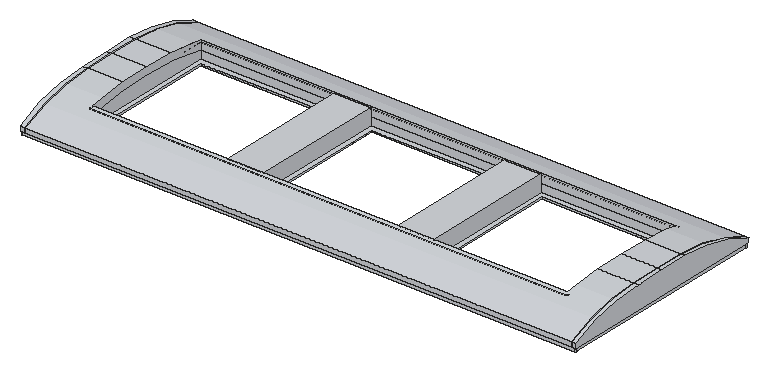
Revit family "Gira_021306", category Electrical Fixtures, host Face, Revit 2017
Family settings
  Host = Face
  Maintain Annotation Orientation = No
  Round Connector Dimension = Use Diameter
  Part Type = Normal
  Cut with Voids When Loaded = No
  Shared = No
  Room Calculation Point = No
Parameters (values of type "Cov.fr. 3-g interm.fr. AN Gira Event c.alum.")
  With mounting grid = "No"
  With hinged lid = "No"
  URL = "http://katalog.gira.de/en/datenblatt.html?artikelnr=021306"
  Type of fastening = "Clamp mounting"
  Transparent = "No"
  Surface protection = "Other"
  Suitable for wall duct = "No"
  Suitable for flush-mounted installation = "Yes"
  Suitable for floor box = "No"
  Suitable for built-in installation = "No"
  Number of units vertical = "3"
  Number of units horizontal = "3"
  Number of units = "3"
  Name = "Cov.fr. 3-g interm.fr. AN Gira Event c.alum."
  Mounting direction = "Horizontal and vertical"
  Material quality = "Thermoplastic"
  Material = "Plastic"
  Manufacturer URL = "https://www.gira.de/"
  Manufacturer = "Gira"
  Label space/information surface = "No"
  Keynote = ""
  HeinzeBIM = "https://bimportal.heinze.de/bim/cov-fr-3-g-interm-fr-an-gira-event-c-alum-/6c206e92bb94403de46b9b1f09e1f386b4d53b2b"
  Halogen free = "Yes"
  HAN = "021306"
  GTIN = "4010337213062"
  Description = "Cov.fr.3g i.fr.AN Event CAl,Gira Event frames,colour aluminium with anthracite intermediate frame,3-gang,Features:,- Shatter-proof."
  Degree of protection (IP) = "IP20"
  Default Elevation = 1219.2 mm
  Data sheet (1) = "https://katalog.gira.de/en/download.html?artikelnr=021306"
  Colour = "Aluminium"
  Category = "Cover frame for domestic switching devices"
  BIM (1) = "https://media.stage.bim.site/public/gira/36a6b08/Event_Rahmen_3fach.rfa"
  Available = "No"
Reference planes
  plane 1 "Center (Front/Back)": y = 0
  plane 2: z = 0
  plane 3 "Center (Left/Right)": x = 0
Forms (mm)
  Extrusion 1, solid, detail levels fine
    sketch origin (0, 0, 0.05) x (0, 1, 0) y (0, 0, 1)
      loop
        arc (12.445, 9.683) -> (6.223, 9.833) -> (0, 9.85) r 291.636
        arc (0, 9.85) -> (-6.223, 9.833) -> (-12.445, 9.683) r 291.636
        arc (-12.445, 9.683) -> (-29.14, 7.482) -> (-45, 1.823) r 79.728
        line (-45, 1.823) -> (-45, -0.05) -> (-42.086, -0.05)
        arc (-42.086, -0.05) -> (-21.385, 5.559) -> (0, 7.206) r 114.424
        arc (0, 7.206) -> (21.385, 5.559) -> (42.086, -0.05) r 114.424
        line (42.086, -0.05) -> (45, -0.05) -> (45, 1.823)
        arc (45, 1.823) -> (29.14, 7.482) -> (12.445, 9.683) r 79.728
    from -114.3 to 114.3
  Extrusion 2, void, detail levels fine
    sketch origin (0, 0, 0) x (1, 0, 0) y (0, 1, 0)
      loop
        line (-99.355, -28.053) -> (99.355, -28.053) -> (99.355, 28.053) -> (-99.355, 28.053) -> (-99.355, -28.053)
    from 0.724 to 11
  Extrusion 3, solid, detail levels coarse
    sketch origin (0, 0, 0) x (1, 0, 0) y (0, 1, 0)
      loop
        line (-116.3, 45) -> (-116.3, -45) -> (116.3, -45) -> (116.3, 45) -> (-116.3, 45)
    from -1.5 to 9.9
  Extrusion 4, solid, detail levels medium
    sketch origin (0, 0, 0.05) x (0, 1, 0) y (0, 0, 1)
      loop
        arc (12.445, 9.683) -> (6.223, 9.833) -> (0, 9.85) r 291.636
        arc (0, 9.85) -> (-6.223, 9.833) -> (-12.445, 9.683) r 291.636
        arc (-12.445, 9.683) -> (-29.14, 7.482) -> (-45, 1.823) r 79.728
        line (-45, 1.823) -> (-45, -0.05) -> (45, -0.05) -> (45, 1.823)
        arc (45, 1.823) -> (29.14, 7.482) -> (12.445, 9.683) r 79.728
    from -116.3 to 116.3
  Extrusion 5, solid, detail levels fine
    sketch origin (-71.3, 0, -1.5) x (0, 1, 0) y (0, 0, -1)
      loop
        line (45, -3.373) -> (45, -1.5) -> (-45, -1.5) -> (-45, -3.373)
        arc (-45, -3.373) -> (-29.14, -9.032) -> (-12.445, -11.233) r 79.728
        arc (-12.445, -11.233) -> (-6.223, -11.383) -> (0, -11.4) r 291.636
        arc (0, -11.4) -> (6.223, -11.383) -> (12.445, -11.233) r 291.636
        arc (12.445, -11.233) -> (29.14, -9.032) -> (45, -3.373) r 79.728
    from 43 to 45
  Extrusion 6, solid, detail levels fine
    sketch origin (0, 0, 0) x (1, 0, 0) y (0, 1, 0)
      loop
        line (-97.195, 25.7) -> (-97.195, -25.7) -> (-45.395, -25.7) -> (-45.395, 25.7) -> (-97.195, 25.7)
      loop
        line (25.9, -25.7) -> (25.9, 25.7) -> (-25.9, 25.7) -> (-25.9, -25.7) -> (25.9, -25.7)
      loop
        line (-100.19, 28.49) -> (-100.19, -28.495)
        spline (-100.19, -28.495) -> (-100.181, -28.625) -> (-100.156, -28.754) -> (-100.113, -28.878) -> (-100.056, -28.995) -> (-99.983, -29.104) -> (-99.897, -29.202) -> (-99.798, -29.288) -> (-99.69, -29.361) -> (-99.572, -29.419) -> (-99.448, -29.461) -> (-99.32, -29.486) -> (-99.19, -29.495)
        line (-99.19, -29.495) -> (99.195, -29.495)
        spline (99.195, -29.495) -> (99.325, -29.486) -> (99.454, -29.461) -> (99.578, -29.419) -> (99.695, -29.361) -> (99.804, -29.288) -> (99.902, -29.202) -> (99.988, -29.104) -> (100.061, -28.995) -> (100.119, -28.878) -> (100.161, -28.754) -> (100.186, -28.625) -> (100.195, -28.495)
        line (100.195, -28.495) -> (100.195, 28.49)
        spline (100.195, 28.49) -> (100.186, 28.62) -> (100.161, 28.748) -> (100.119, 28.872) -> (100.061, 28.99) -> (99.988, 29.098) -> (99.902, 29.197) -> (99.804, 29.283) -> (99.695, 29.356) -> (99.578, 29.413) -> (99.454, 29.456) -> (99.325, 29.481) -> (99.195, 29.49)
        line (99.195, 29.49) -> (-99.19, 29.49)
        spline (-99.19, 29.49) -> (-99.32, 29.481) -> (-99.448, 29.456) -> (-99.572, 29.413) -> (-99.69, 29.356) -> (-99.798, 29.283) -> (-99.897, 29.197) -> (-99.983, 29.098) -> (-100.056, 28.99) -> (-100.113, 28.872) -> (-100.156, 28.748) -> (-100.181, 28.62) -> (-100.19, 28.49)
      loop
        line (97.2, -25.7) -> (97.2, 25.7) -> (45.4, 25.7) -> (45.4, -25.7) -> (97.2, -25.7)
    from 0.1 to 7.3
  Extrusion 7, solid
    sketch origin (0, 0, 0) x (1, 0, 0) y (0, 1, 0)
      loop
        arc (-116, -44.2) -> (-115.854, -44.554) -> (-115.5, -44.7) r 0.5
        line (-115.5, -44.7) -> (115.5, -44.7)
        arc (115.5, -44.7) -> (115.854, -44.554) -> (116, -44.2) r 0.5
        line (116, -44.2) -> (116, 44.2)
        arc (116, 44.2) -> (115.854, 44.554) -> (115.5, 44.7) r 0.5
        line (115.5, 44.7) -> (-115.5, 44.7)
        arc (-115.5, 44.7) -> (-115.854, 44.554) -> (-116, 44.2) r 0.5
        line (-116, 44.2) -> (-116, -44.2)
      loop
        line (-114.3, 43) -> (-114.3, -43) -> (114.3, -43) -> (114.3, 43) -> (-114.3, 43)
    from -1.5 to 0.5
  Extrusion 8, solid, detail levels fine
    sketch origin (71.3, 0, -1.5) x (0, 1, 0) y (0, 0, 1)
      loop
        arc (45, 3.373) -> (29.14, 9.032) -> (12.445, 11.233) r 79.728
        arc (12.445, 11.233) -> (6.223, 11.383) -> (0, 11.4) r 291.636
        arc (0, 11.4) -> (-6.223, 11.383) -> (-12.445, 11.233) r 291.636
        arc (-12.445, 11.233) -> (-29.14, 9.032) -> (-45, 3.373) r 79.728
        line (-45, 3.373) -> (-45, 1.5) -> (45, 1.5) -> (45, 3.373)
    from 43 to 45
  Extrusion 9, solid, detail levels medium
    sketch origin (0, 0, 0) x (1, 0, 0) y (0, 1, 0)
      loop
        line (-116, -44.7) -> (116, -44.7) -> (116, 44.7) -> (-116, 44.7) -> (-116, -44.7)
    from -1.5 to 0.5
  Extrusion 10, solid, detail levels fine
    sketch origin (-34.207, 0, 0) x (1, 0, 0) y (0, 1, 0)
      loop
        line (-8.943, 28.063) -> (-8.943, -27.937) -> (6.057, -27.937) -> (6.057, 28.063) -> (-8.943, 28.063)
    from 0.724 to 7.566
  Extrusion 11, solid, detail levels fine
    sketch origin (34.207, 0, 0) x (-1, 0, 0) y (0, -1, 0)
      loop
        line (-8.943, -28.063) -> (6.057, -28.063) -> (6.057, 27.937) -> (-8.943, 27.937) -> (-8.943, -28.063)
    from 0.724 to 7.566
Cuts and joins
  Extrusion 2 cuts Extrusion 1
  Extrusion 2 cuts Extrusion 6
Dimensions and locks
  aligned and locked: plane 2 to host face
  aligned and locked: level to host face
